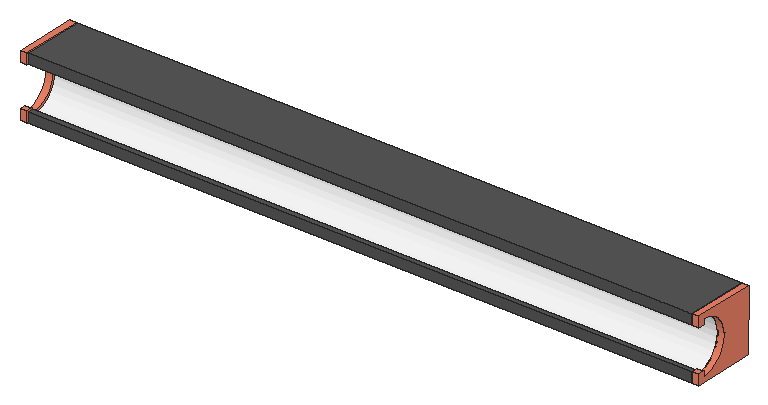
Revit family "ARX.4-W-DI", category Lighting Fixtures, host Face, Revit 2018
Family settings
  Host = Face
  Round Connector Dimension = Use Diameter
  Part Type = Normal
  Cut with Voids When Loaded = No
  Light Source = Yes
  Shared = Yes
  Room Calculation Point = Yes
Parameters (values of type "4' Direct/ Indirect")
  Wattage = 35.2941 W
  built-in parameter 1150110 = 1 (stored number, unit not read)
  Voltage = 0 V
  built-in parameter 1114217 = 1 (stored number, unit not read)
  built-in parameter 1150109 = 1 (stored number, unit not read)
  built-in parameter 1150134 = 12
  Switch Leg Visibility = yes
  Switch Leg [instance] = ""
  built-in parameter 1150113 = 1 (stored number, unit not read)
  Material - End Cap = LUX ILLUMINAIRE Orange
  Material [instance] = LUX ILLUMINAIRE Black
  built-in parameter 1150105 = 954.93 (stored number, unit not read)
  Lumens = 3000 lm
  built-in parameter 1150115 = 1 (stored number, unit not read)
  Light Source Symbol Size = 2' - 0"
  built-in parameter 1150137 = (empty or 0)
  built-in parameter 1150139 = (empty or 0)
  built-in parameter 1150112 = 1 (stored number, unit not read)
  built-in parameter 1150114 = 1 (stored number, unit not read)
  Lamp = "LED"
  built-in parameter 1150132 = 2
  built-in parameter 1150102 = (empty or 0)
  built-in parameter 1150107 = 4000 (stored number, unit not read)
  built-in parameter 1150138 = (empty or 0)
  Indirect Light Source = Fixture Length - 0' 3"  # 3' - 8.99935"
  built-in parameter 1150106 = 9.5493 (stored number, unit not read)
  Fixture Width = 0' - 4 1/2"  # constant formula
  Fixture Symbol Visiblity = yes
  Fixture Length = 3' - 11.99935"
  Emit from Rectangle Width = 0' - 3"  # constant formula
  Emit from Rectangle Length = Fixture Length  # 3' - 11.99935"
  Emit Shape Visible in Rendering = no
  Emergency Lighting [instance] = no
  built-in parameter 1150104 = 7.8968 (stored number, unit not read)
  Dimming Lamp Color Temperature Shift = <None>
  Default Elevation = 7' - 0"
  Color Filter = 16777215
  built-in parameter 1140040 [instance] = 1
  built-in parameter 1114218 = 1 (stored number, unit not read)
  built-in parameter 1150133 = 10 (stored number, unit not read)
  Apparent Load = 12.4 VA
Types (7): name | Wattage | built-in parameter 1150105 | Lumens | Indirect Light Source | built-in parameter 1150106 | Fixture Length | Emit from Rectangle Length | Apparent Load
  2' Direct/ Indirect | 17.6471 W | 477.46 (stored number, unit not read) | 1500 lm | 1' - 9" | 4.7746 (stored number, unit not read) | 2' - 0" | 2' - 0" | 6.2 VA
  3' Direct/ Indirect | 26.4706 W | 716.2 (stored number, unit not read) | 2250 lm | 2' - 9" | 7.162 (stored number, unit not read) | 3' - 0" | 3' - 0" | 9.3 VA
  4' Direct/ Indirect | 35.2941 W | 954.93 (stored number, unit not read) | 3000 lm | 3' - 8.99935" | 9.5493 (stored number, unit not read) | 3' - 11.99935" | 3' - 11.99935" | 12.4 VA
  5' Direct/ Indirect | 44.1176 W | 1193.7 (stored number, unit not read) | 3750 lm | 4' - 9" | 11.937 (stored number, unit not read) | 5' - 0" | 5' - 0" | 15.5 VA
  6' Direct/ Indirect | 52.9412 W | 1432.4 (stored number, unit not read) | 4500 lm | 5' - 9" | 14.324 (stored number, unit not read) | 6' - 0" | 6' - 0" | 18.6 VA
  7' Direct/ Indirect | 61.7647 W | 1671.1 (stored number, unit not read) | 5250 lm | 6' - 9" | 16.711 (stored number, unit not read) | 7' - 0" | 7' - 0" | 21.7 VA
  8' Direct/ Indirect | 70.5882 W | 1909.9 (stored number, unit not read) | 6000 lm | 7' - 9" | 19.099 (stored number, unit not read) | 8' - 0" | 8' - 0" | 24.8 VA
Reference planes (in)
  plane 1 "Center (Front/Back)": y = 0
  plane 2: z = 0
  plane 3 "Center (Left/Right)": x = 0
  plane 4: x = 23.99967
  plane 5: x = -23.99967
  plane 6: z = 1
  plane 7: x = 24.49967
  plane 8: x = -24.50033
Forms (in)
  Extrusion 1, solid, material "LUX ILLUMINAIRE Black" <- "Material"
    sketch origin (0.0005, 24.09501, 2.09434) x (0.000014, 0, 1) y (0, -1, 0)
      loop
        line (-2.094, 19.59501) -> (2.406, 19.59501) -> (2.406, 24.09501) -> (1.69455, 24.09501) -> (1.69455, 23.70956) -> (2.16208, 23.70956)
        arc (2.16208, 23.70956) -> (0.16248, 21.65723) -> (-1.83712, 23.70956) r 2.00028
        line (-1.83712, 23.70956) -> (-1.38295, 23.70956) -> (-1.38295, 24.09501) -> (-2.094, 24.09501) -> (-2.094, 19.59501)
    from -24.00015 to 23.99917
  Extrusion 2, solid, material "LUX ILLUMINAIRE Orange" <- "Material - End Cap"
    sketch origin (0.0005, 24.09501, 2.09434) x (0.000014, 0, 1) y (0, -1, 0)
      loop
        line (-2.094, 24.09501) -> (-2.094, 19.59501) -> (2.40625, 19.59501) -> (2.40625, 24.09501) -> (1.65625, 24.09501) -> (1.65625, 23.65751) -> (2.06896, 23.65751)
        arc (2.06896, 23.65751) -> (0.16271, 21.75125) -> (-1.74355, 23.65751) r 1.90625
        line (-1.74355, 23.65751) -> (-1.34414, 23.65751) -> (-1.34414, 24.09501) -> (-2.094, 24.09501)
    from 23.9992 to 24.49917
  Extrusion 3, solid, not visible
    sketch origin (0, 0, 0) x (1, 0, 0) y (0, 1, 0)
      loop
        circle (0.00029, -24) r 0.1875
    from 0 to 1
  Extrusion 4, solid, not visible
    sketch origin (0, 0, 0) x (1, 0, 0) y (0, 1, 0)
      loop
        circle (0.0005, -24) r 0.03125
    from 1 to 13.33203
  Extrusion 5, solid, not visible
    sketch origin (0, 0, 0) x (1, 0, 0) y (0, 1, 0)
      loop
        circle (0.0005, -24) r 0.18729
    from 13.33203 to 14.08203
  Extrusion 6, solid, material "LUX ILLUMINAIRE Orange" <- "Material - End Cap"
    sketch origin (-23.9995, 24.09501, 2.09524) x (0.000014, 0, 1) y (0, 1, 0)
      loop
        line (-2.09431, -24.10458) -> (-1.3447, -24.10458) -> (-1.3447, -23.65751) -> (-1.74408, -23.65751)
        arc (-1.74408, -23.65751) -> (0.16217, -21.75126) -> (2.06842, -23.65751) r 1.90625
        line (2.06842, -23.65751) -> (1.65569, -23.65751) -> (1.65569, -24.10458) -> (2.40569, -24.10458) -> (2.40569, -19.59501) -> (-2.09431, -19.59501) -> (-2.09431, -24.10458)
    from 0.00018 to 0.5008
  Extrusion 7, solid, material "Light Emit"
    sketch origin (0, 0, 0) x (0, 1, 0) y (0, 0, 1)
      loop
        arc (0.38592, 4.22785) -> (2.41486, 2.25165) -> (0.38592, 0.27546) r 1.97688
        line (0.38592, 0.27546) -> (0.38592, 0.16291)
        arc (0.38592, 0.16291) -> (2.52737, 2.25165) -> (0.38592, 4.3404) r 2.08939
        line (0.38592, 4.3404) -> (0.38592, 4.22785)
    from -23.99967 to 23.99967
Lines and regions (in)
  symbolic lines, visible <- "Fixture Symbol Visiblity"
    curve 1: line (23.99967, 0, 4.19671) -> (-23.99967, 0, 4.19671)
    curve 2: line (23.99967, 0, 0.09334) -> (23.99967, 0, 4.19671)
    curve 3: line (-23.99967, 0, 0.09334) -> (23.99967, 0, 0.09334)
    curve 4: line (-23.99967, 0, 4.19671) -> (-23.99967, 0, 0.09334)
Dimensions and locks (in)
  plane 5 to plane 4 = 3' - 11.99935"
  equal spacing: plane 4, plane 3 "Center (Left/Right)", plane 5
  "Fixture Length": plane 4 to plane 5
  locked: plane 7 to plane 4 at 0.5
  locked: plane 5 to plane 8 at 0.5
  aligned and locked: plane 2 to host face
  aligned and locked: level to host face
  aligned and locked: plane 7 to Extrusion 2
  aligned and locked: Extrusion 2 to plane 4
  aligned and locked: plane 4 to Extrusion 1
  aligned and locked: Extrusion 6 to plane 8
  aligned and locked: plane 5 to Extrusion 6
  aligned and locked: Extrusion 1 to plane 5
  aligned and locked: plane 5 to curve 4
  aligned and locked: curve 2 to plane 4
  aligned and locked: plane 4 to nested 1
  aligned and locked: nested 1 to plane 5
  aligned and locked: Extrusion 6 sketch curve to imposter light
  aligned and locked: imposter light to Extrusion 6 sketch curve
  aligned and locked: Extrusion 6 to Extrusion 2 sketch curve
  aligned and locked: Extrusion 2 sketch curve to plane 1 "Center (Front/Back)"  (x2)
  aligned and locked: Extrusion 1 sketch curve to plane 1 "Center (Front/Back)"  (x2)
  aligned and locked: plane 4 to Extrusion 7
  aligned and locked: Extrusion 7 to plane 5
Automatic sketch dimensions
  host sketch curve to host sketch curve = 8' - 0"  (x2)
  level to curve 3 = 0' - 0.09334"
  plane 6 to curve 2 = 0' - 3.19671"
  Extrusion 6 sketch curve to plane 1 "Center (Front/Back)" = 0' - 4 1/2"
  Extrusion 6 sketch curve to Extrusion 6 sketch curve = 0' - 0.35024"
  Extrusion 6 sketch curve to Extrusion 6 sketch curve = 0' - 0.39938"
  Extrusion 6 sketch curve to plane 1 "Center (Front/Back)" = 0' - 0 7/16"
  Extrusion 6 sketch curve to Extrusion 6 sketch curve = 0' - 1.50687"
  Extrusion 6 sketch curve to Extrusion 6 sketch curve = 0' - 0.41274"
  Extrusion 6 sketch curve to Extrusion 6 sketch curve = 0' - 0.33726"
  Extrusion 2 sketch curve to Extrusion 2 sketch curve = 0' - 0.35046"
  Extrusion 2 sketch curve to Extrusion 2 sketch curve = 0' - 0.39941"
  Extrusion 2 sketch curve to Extrusion 2 sketch curve = 0' - 1.50685"
  Extrusion 2 sketch curve to Extrusion 2 sketch curve = 0' - 0.41271"
  Extrusion 2 sketch curve to Extrusion 2 sketch curve = 0' - 0.33729"
  Extrusion 2 sketch curve to Extrusion 2 sketch curve = 0' - 4 1/16"
  Extrusion 1 sketch curve to plane 1 "Center (Front/Back)" = 0' - 4 1/2"
  Extrusion 1 sketch curve to Extrusion 1 sketch curve = 0' - 0.25688"
  Extrusion 1 sketch curve to Extrusion 1 sketch curve = 0' - 0.45417"
  Extrusion 1 sketch curve to plane 1 "Center (Front/Back)" = 0' - 0 7/16"
  Extrusion 1 sketch curve to Extrusion 1 sketch curve = 0' - 1.54543"
  Extrusion 1 sketch curve to Extrusion 1 sketch curve = 0' - 1.53207"
  Extrusion 1 sketch curve to plane 1 "Center (Front/Back)" = 0' - 0.38545"
  Extrusion 1 sketch curve to Extrusion 1 sketch curve = 0' - 0.46753"
  Extrusion 1 sketch curve to Extrusion 1 sketch curve = 0' - 0.24391"
  Extrusion 7 sketch curve to Extrusion 7 sketch curve = 0' - 0"  (x2)
  level to Extrusion 7 sketch curve = 0' - 0.27546"
  Extrusion 7 sketch curve to plane 1 "Center (Front/Back)" = 0' - 0.38592"  (x2)
  Extrusion 7 sketch curve to plane 1 "Center (Front/Back)" = 0' - 0.43798"
  Extrusion 7 sketch curve to Extrusion 7 sketch curve = 0' - 0.11255"
  Extrusion 7 sketch curve to Extrusion 7 sketch curve = 0' - 1.9762"
  radius of Extrusion 3 sketch curve = 0' - 0 3/16"
  radius of Extrusion 4 sketch curve = 0' - 0 1/32"
  radius of Extrusion 5 sketch curve = 0' - 0.18729"
Nested families (in)
  nested 1: "Emergency Symbol Rectangle" at (0.00033, 0, -9.6721) x (-1, 0, 0) z (0, -1, 0), visible <- "Emergency Lighting", type "Emergency Symbol Rectangle"
    with Width 1' - 0.23826", Length 3' - 11.99935"
  nested 2: "Indirect Light Source 1" at (0.00002, -4.13926, -51.82677) x (-1, 0, 0) z (0, 0, 1), type "Indirect Light Source 1"
Connectors (in)
  electrical at (0, 4.01447, 0.82884), driven by "Apparent Load", driven by "Voltage"
    settings: on Extrusion 1, index 1, voltage 0 V, apparent load 0 VA, apparent load phase1 12.4 VA, apparent load phase2 0 VA, apparent load phase3 0 VA, power factor 1, load classification "Other", number of poles 1, system type 31, power factor state 1, is connector primary yes, connector utility no, sub classification motor no, connector description ""
Definition of nested family "Emergency Symbol Rectangle"
  Parameters (values of type "Emergency Symbol Rectangle")
    Width [instance] = 0' - 8 1/2"
    Length [instance] = 5' - 0"
    Emergency Visibility = no
  Reference planes (in)
    plane 1 "Center (Front/Back)": y = -7.75
    plane 2: z = 0
    plane 3 "Center (Left/Right)": x = -24
    plane 4: x = 24
    plane 5: x = -36
    plane 6: y = -3.5
    plane 7: y = -12
  Lines and regions (in)
    Filled region 1, type "Solid Fill - Black", in view "Ref. Level", detail levels coarse+medium
      outline origin (0, 0.25, 0) x (1, 0, 0) y (0, 1, 0)
        loop
          line (-36, -12.25) -> (24, -12.25) -> (-36, -10.125) -> (-36, -12.25)
  Dimensions and locks (in)
    equal spacing: plane 7, plane 1 "Center (Front/Back)", plane 6
    "Width": plane 7 to plane 6
    "Length": plane 5 to plane 4
    aligned and locked: plane 5 to Filled region 1
  Automatic sketch dimensions
    plane 1 "Center (Front/Back)" to Filled region 1 sketch curve = 0' - 2 1/8"
    Filled region 1 sketch curve to plane 3 "Center (Left/Right)" = 1' - 0"
    Filled region 1 sketch curve to plane 4 = 0' - 0"
    Filled region 1 sketch curve to plane 7 = 0' - 0"
Definition of nested family "Indirect Light Source 1"
  Parameters (values of type "Indirect Light Source 1")
    Wattage = 20 W
    built-in parameter 1150110 = 1 (stored number, unit not read)
    built-in parameter 1114217 = 1 (stored number, unit not read)
    built-in parameter 1150109 = 1 (stored number, unit not read)
    built-in parameter 1150134 = (empty or 0)
    built-in parameter 1150113 = 1 (stored number, unit not read)
    Lumens = 1700 lm
    built-in parameter 1150115 = 1 (stored number, unit not read)
    built-in parameter 1150105 = 541.13 (stored number, unit not read)
    Light Source Symbol Size = 2' - 0"
    built-in parameter 1150137 = (empty or 0)
    built-in parameter 1150139 = (empty or 0)
    built-in parameter 1150112 = 1 (stored number, unit not read)
    built-in parameter 1150114 = 1 (stored number, unit not read)
    built-in parameter 1150132 = (empty or 0)
    built-in parameter 1150102 = (empty or 0)
    built-in parameter 1150138 = (empty or 0)
    built-in parameter 1150107 = 3500 (stored number, unit not read)
    built-in parameter 1150106 = 5.4113 (stored number, unit not read)
    Emit from Rectangle Width = 0' - 4 3/16"
    Emit from Rectangle Length = 4' - 0"
    Emit Shape Visible in Rendering = yes
    built-in parameter 1150104 = 7.8968 (stored number, unit not read)
    Dimming Lamp Color Temperature Shift = (empty or 0)
    Color Filter = 16777215
    built-in parameter 1114218 = 1 (stored number, unit not read)
    built-in parameter 1150133 = 10 (stored number, unit not read)
  Reference planes (in)
    plane 1 "Light Source Axis (F/B)": y = -8.60801
    plane 2: z = 0
    plane 3 "Light Source Axis (L/R)": x = 0
    plane 4 "Light Source Elevation": z = 54
    plane 5: z = 0
  Dimensions and locks (in)
    aligned and locked: plane 3 "Light Source Axis (L/R)" to imposter light
    aligned and locked: level to plane 5
